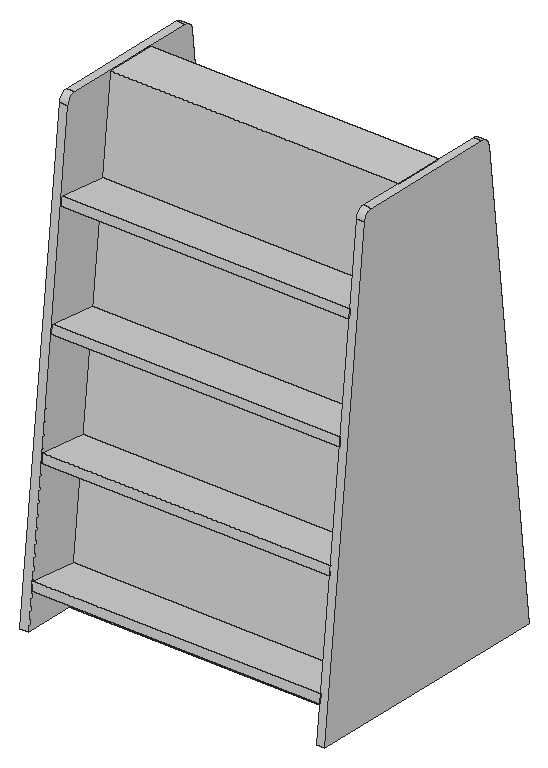
Revit family "MF", category Specialty Equipment, Revit 2012
Parameters (values of type "Multiple Media Fixture (Default)")
  Width = 3' - 0"
  URL = "http://madixinc.com/display/freestanding.html"
  Model = "Multiple Media Fixture"
  Manufacturer = "© 2012 Madix, Inc. All rights reserved."
  Height = 4' - 6"
  Depth = 2' - 6"
Reference planes (in)
  plane 1 "Center (Front/Back)": y = 0
  plane 2: z = 0
  plane 3 "Center (Left/Right)": x = 0
  plane 4: x = -18
  plane 5: x = 18
  plane 6: z = 54
  plane 7: y = 15
  plane 8: y = -15
  plane 9: x = -17
  plane 10: x = 17
  plane 11: y = 8.11111
  plane 12: y = -8.11111
Forms (in)
  Extrusion 1, solid, material "Metal - Steel"
    sketch origin (0, 0, 0) x (0, 1, 0) y (0, 0, 1)
      loop
        arc (9.11111, 53) -> (8.81822, 53.70711) -> (8.11111, 54) r 1
        line (8.11111, 54) -> (-8.11111, 54)
        arc (-8.11111, 54) -> (-8.82147, 53.70576) -> (-9.11571, 52.9954) r 1.0046
        line (-9.11571, 52.9954) -> (-15, 0) -> (0, 0) -> (15, 0) -> (9.11111, 53)
    from 17 to 18
  Extrusion 2, solid, material "Metal - Steel"
    sketch origin (0, 0, 0) x (0, 1, 0) y (0, 0, -1)
      loop
        line (9.11111, -53) -> (15, 0) -> (0, 0) -> (-15, 0) -> (-9.11571, -52.9954)
        arc (-9.11571, -52.9954) -> (-8.82147, -53.70576) -> (-8.11111, -54) r 1.0046
        line (-8.11111, -54) -> (8.11111, -54)
        arc (8.11111, -54) -> (8.81822, -53.70711) -> (9.11111, -53) r 1
    from 17 to 18
  Extrusion 3, solid, material "Metal - Steel"
    sketch origin (0, 0, 0) x (0, 1, 0) y (0, 0, 1)
      loop
        line (-2.96308, 54) -> (-4.15754, 43.24985) -> (-10.12214, 43.91258) -> (-10.23257, 42.9187) -> (-4.26797, 42.25597) -> (-5.59315, 30.32936) -> (-11.55684, 30.99199) -> (-11.66727, 29.99811) -> (-5.70358, 29.33548) -> (-7.02876, 17.40887) -> (-12.99245, 18.0715) -> (-13.10288, 17.07762) -> (-7.13919, 16.41499) -> (-8.46437, 4.48838) -> (-14.42806, 5.15102) -> (-14.53842, 4.15712) -> (-8.57475, 3.49495) -> (-8.96308, 0) -> (8.96308, 0) -> (8.57475, 3.49495) -> (14.53842, 4.15712) -> (14.42806, 5.15102) -> (8.46437, 4.48838) -> (7.13919, 16.41499) -> (13.10288, 17.07762) -> (12.99245, 18.0715) -> (7.02876, 17.40887) -> (5.70358, 29.33548) -> (11.66727, 29.99811) -> (11.55684, 30.99199) -> (5.59315, 30.32936) -> (4.26797, 42.25597) -> (10.23257, 42.9187) -> (10.12214, 43.91258) -> (4.15754, 43.24985) -> (2.96308, 54) -> (-2.96308, 54)
    from -17 to 17
Dimensions and locks (in)
  "Height": plane 6 to level
  equal spacing: plane 4, plane 3 "Center (Left/Right)", plane 5
  "Width": plane 4 to plane 5
  locked: plane 4 to plane 9 at 1
  locked: plane 10 to plane 5 at 1
  locked: plane 12 to plane 8 at 6.88889
  locked: plane 7 to plane 11 at 6.88889
  aligned and locked: level to plane 2
  aligned and locked: Extrusion 1 to plane 5
  aligned and locked: plane 10 to Extrusion 1
  aligned and locked: Extrusion 3 to plane 9
  aligned and locked: Extrusion 3 to Extrusion 1
  aligned and locked: plane 9 to Extrusion 2
  aligned and locked: Extrusion 2 to plane 4
Automatic sketch dimensions
  Extrusion 1 sketch curve to level = 0' - 0"
  Extrusion 1 sketch curve to plane 8 = 0' - 0"
  Extrusion 1 sketch curve to plane 6 = 0' - 0"
  Extrusion 1 sketch curve to plane 12 = 0' - 0"
  Extrusion 1 sketch curve to plane 1 "Center (Front/Back)" = 0' - 0"
  Extrusion 1 sketch curve to plane 11 = 0' - 0"
  Extrusion 1 sketch curve to plane 7 = 0' - 0"
  Extrusion 1 sketch curve to plane 6 = 0' - 1.0046"
  Extrusion 1 sketch curve to plane 6 = 0' - 1"
  Extrusion 2 sketch curve to level = 0' - 0"
  Extrusion 2 sketch curve to plane 8 = 0' - 0"
  Extrusion 2 sketch curve to plane 6 = 0' - 0"
  Extrusion 2 sketch curve to plane 12 = 0' - 0"
  Extrusion 2 sketch curve to plane 1 "Center (Front/Back)" = 0' - 0"
  Extrusion 2 sketch curve to plane 11 = 0' - 0"
  Extrusion 2 sketch curve to plane 7 = 0' - 0"
  Extrusion 2 sketch curve to plane 6 = 0' - 1.0046"
  Extrusion 2 sketch curve to plane 6 = 0' - 1"
  Extrusion 3 sketch curve to level = 0' - 0"
  Extrusion 3 sketch curve to plane 6 = 0' - 0"
  plane 8 to Extrusion 3 sketch curve = 0' - 0.46158"
  plane 8 to Extrusion 3 sketch curve = 0' - 0.57194"
  plane 8 to Extrusion 3 sketch curve = 0' - 1.89712"
  Extrusion 3 sketch curve to Extrusion 3 sketch curve = 0' - 0.11043"  (x11)
  plane 8 to Extrusion 3 sketch curve = 0' - 3.33273"
  plane 12 to Extrusion 3 sketch curve = 0' - 2.12146"
  plane 12 to Extrusion 3 sketch curve = 0' - 0.85197"
  plane 12 to Extrusion 3 sketch curve = 0' - 0.46364"
  plane 12 to Extrusion 3 sketch curve = 0' - 0.35326"
  Extrusion 3 sketch curve to plane 12 = 0' - 0.97192"
  Extrusion 3 sketch curve to plane 12 = 0' - 2.40753"
  Extrusion 3 sketch curve to plane 12 = 0' - 3.84314"
  plane 1 "Center (Front/Back)" to Extrusion 3 sketch curve = 0' - 2.96308"
  Extrusion 3 sketch curve to plane 1 "Center (Front/Back)" = 0' - 2.96308"
  plane 11 to Extrusion 3 sketch curve = 0' - 3.95357"
  plane 11 to Extrusion 3 sketch curve = 0' - 2.51796"
  plane 11 to Extrusion 3 sketch curve = 0' - 1.08235"
  plane 11 to Extrusion 3 sketch curve = 0' - 0.97192"
  Extrusion 3 sketch curve to plane 11 = 0' - 0.35326"
  Extrusion 3 sketch curve to plane 11 = 0' - 0.46364"
  Extrusion 3 sketch curve to plane 11 = 0' - 0.85197"
  Extrusion 3 sketch curve to plane 11 = 0' - 2.01103"
  plane 7 to Extrusion 3 sketch curve = 0' - 3.44316"
  plane 7 to Extrusion 3 sketch curve = 0' - 2.00755"
  plane 7 to Extrusion 3 sketch curve = 0' - 0.57194"
  plane 7 to Extrusion 3 sketch curve = 0' - 0.46158"
  level to Extrusion 3 sketch curve = 0' - 3.49495"  (x2)
  level to Extrusion 3 sketch curve = 0' - 4.15712"  (x2)
